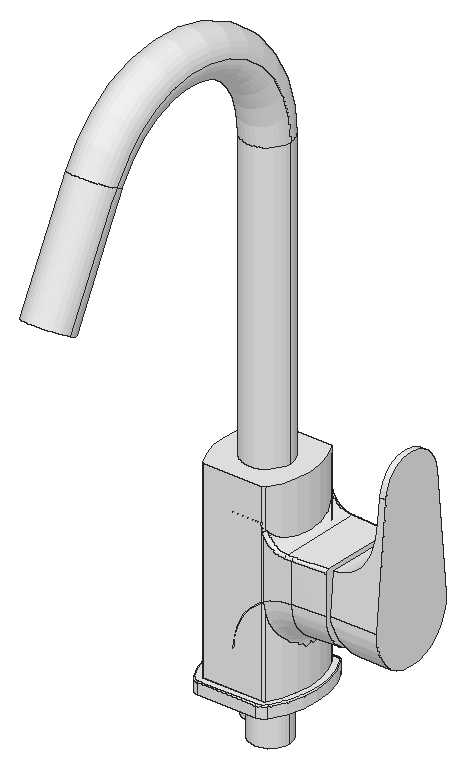
Revit family "Mixer-Sink-Dorf Viridian1", category Plumbing Fixtures, host Face, Revit 2013
Parameters (values of type "Standard")
  Waste Connection = no
  Vent Connection = no
  URL = "http://www.dorf.com.au/"
  Type Comments = "Dorf Viridian Sink Mixer"  # constant formula
  ModifiedIssue_ANZRS = 1  # constant formula
  Model = "811011C4A"  # constant formula
  Material_ANZRS = Metal-Chrome-Caroma
  Manufacturer = "GWA Bathrooms & Kitchens"  # constant formula
  HWFU = 1  # constant formula
  HW Connection = yes
  Description = "WELS 4 Star rated, 7.5L/min"  # constant formula
  Default Elevation = 0 mm
  CreatedBy_ANZRS = "Design Content"  # constant formula
  CreatedByURL_ANZRS = "www.designcontent.com.au"
  Cost = 0
  Connector Radius = 10 mm
  CWFU = 1  # constant formula
  CW Connection = yes
  Assembly Code = "C1030210"
Reference planes
  plane 1 "Center (Front/Back)": y = 0
  plane 2: z = 0
  plane 3 "Center (Left/Right)": x = 0
  plane 4: y = 22.373
  plane 5: y = -22.373
Forms (mm)
  Extrusion 1, solid, material "Metal-Chrome-Caroma" <- "Material_ANZRS"
    sketch origin (14.2, 0, 0) x (1, 0, 0) y (0, 1, 0)
      loop
        circle (-7.071, -7.071) r 10
    from -20 to 0
  Extrusion 2, solid, material "Metal-Chrome-Caroma" <- "Material_ANZRS"
    sketch origin (-14.2, 0, 0) x (-1, 0, 0) y (0, -1, 0)
      loop
        circle (-7.071, -7.071) r 10
    from -20 to 0
  Sweep 3, solid, material "Metal-Chrome-Caroma" <- "Material_ANZRS"
    path origin (0, 0, 0) x (1, 0, 0) y (0, 1, 0)
      loop
        arc (-15.139, 26.25) -> (-17.559, 25.625) -> (-19.375, 23.906) r 5
        arc (-19.375, 23.906) -> (-26.25, 0) -> (-19.375, -23.906) r 45
        arc (-19.375, -23.906) -> (-17.559, -25.625) -> (-15.139, -26.25) r 5
        line (-15.139, -26.25) -> (15.139, -26.25)
        arc (15.139, -26.25) -> (17.559, -25.625) -> (19.375, -23.906) r 5
        arc (19.375, -23.906) -> (26.25, 0) -> (19.375, 23.906) r 45
        arc (19.375, 23.906) -> (17.559, 25.625) -> (15.139, 26.25) r 5
        line (15.139, 26.25) -> (-15.139, 26.25)
    profile origin (0, 26.25, 0) x (0, 1, 0) y (0, 0, 1)
      loop
        line (0, 0) -> (0, 5.5)
        arc (0, 5.5) -> (-0.146, 5.854) -> (-0.5, 6) r 0.5
        line (-0.5, 6) -> (-4, 6) -> (-4, 0) -> (0, 0)
  Extrusion 4, solid, material "Metal-Chrome-Caroma" <- "Material_ANZRS"
    sketch origin (0, 0, 0) x (1, 0, 0) y (0, 1, 0)
      loop
        arc (-15.986, -21.781) -> (-15.623, -22.125) -> (-15.139, -22.25) r 1
        line (-15.139, -22.25) -> (15.139, -22.25)
        arc (15.139, -22.25) -> (15.623, -22.125) -> (15.986, -21.781) r 1
        arc (15.986, -21.781) -> (22.25, 0) -> (15.986, 21.781) r 41
        arc (15.986, 21.781) -> (15.623, 22.125) -> (15.139, 22.25) r 1
        line (15.139, 22.25) -> (-15.139, 22.25)
        arc (-15.139, 22.25) -> (-15.623, 22.125) -> (-15.986, 21.781) r 1
        arc (-15.986, 21.781) -> (-22.25, 0) -> (-15.986, -21.781) r 41
    from 0 to 6
  Extrusion 5, solid, material "Metal-Chrome-Caroma" <- "Material_ANZRS"
    sketch origin (0, 0, 0) x (1, 0, 0) y (0, 1, 0)
      loop
        arc (-15.126, 22.373) -> (-15.859, 22.181) -> (-16.406, 21.655) r 1.5
        arc (-16.406, 21.655) -> (-22.5, 0) -> (-16.406, -21.655) r 41.521
        arc (-16.406, -21.655) -> (-15.859, -22.181) -> (-15.126, -22.373) r 1.5
        line (-15.126, -22.373) -> (15.126, -22.373)
        arc (15.126, -22.373) -> (15.859, -22.181) -> (16.406, -21.655) r 1.5
        arc (16.406, -21.655) -> (22.5, 0) -> (16.406, 21.655) r 41.521
        arc (16.406, 21.655) -> (15.859, 22.181) -> (15.126, 22.373) r 1.5
        line (15.126, 22.373) -> (-15.126, 22.373)
    from 6 to 106
  Sweep 6, solid, material "Metal-Chrome-Caroma" <- "Material_ANZRS"
    path origin (0, 0, 0) x (1, 0, 0) y (0, 0, 1)
      loop
        line (30.9, 78) -> (27.213, 78)
        arc (27.213, 78) -> (19.299, 81.278) -> (16.022, 89.191) r 11.191
    profile origin (29.056, 0, 78) x (0, 0, -1) y (0, -1, 0)
      loop
        line (2.5, -22.373) -> (2.5, 22.373) -> (1.5, 22.373)
        arc (1.5, 22.373) -> (0.439, 21.933) -> (0, 20.873) r 1.5
        line (0, 20.873) -> (0, -20.873)
        arc (0, -20.873) -> (0.439, -21.933) -> (1.5, -22.373) r 1.5
        line (1.5, -22.373) -> (2.5, -22.373)
  Sweep 7, solid, material "Metal-Chrome-Caroma" <- "Material_ANZRS"
    path origin (0, 0, 0) x (1, 0, 0) y (0, 0, 1)
      loop
        arc (30.9, 56.375) -> (9.121, 47.354) -> (0.1, 25.575) r 30.8
    profile origin (9.121, 0, 47.354) x (0.707107, 0, -0.707107) y (0, -1, 0)
      loop
        arc (0, -22.373) -> (22.373, 0) -> (0, 22.373) r 22.373
        line (0, 22.373) -> (0, -22.373)
  Extrusion 8, solid, material "Metal-Chrome-Caroma" <- "Material_ANZRS"
    sketch origin (0, 0, 0) x (1, 0, 0) y (0, 0, 1)
      loop
        line (30.9, 75.5) -> (27.213, 75.5)
        arc (27.213, 75.5) -> (17.532, 79.51) -> (13.522, 89.191) r 13.691
        line (13.522, 89.191) -> (0.1, 89.191) -> (0.1, 25.575)
        arc (0.1, 25.575) -> (9.121, 47.354) -> (30.9, 56.375) r 30.8
        line (30.9, 56.375) -> (30.9, 75.5)
    from -22.373 to 22.373
  Extrusion 9, solid, material "Metal-Chrome-Caroma" <- "Material_ANZRS"
    sketch origin (0, 0, 0) x (0, 1, 0) y (0, 0, 1)
      loop
        arc (16.674, 118.32) -> (0, 133.486) -> (-16.674, 118.32) r 16.749
        line (-16.674, 118.32) -> (-22.392, 58.078)
        arc (-22.392, 58.078) -> (0, 33.46) -> (22.392, 58.078) r 22.493
        line (22.392, 58.078) -> (16.674, 118.32)
    from 50.965 to 75
  Extrusion 10, void
    sketch origin (0, 0, 0) x (1, 0, 0) y (0, 0, 1)
      loop
        line (72, 137.302) -> (48.643, 137.302) -> (48.643, 25.681) -> (63.559, 25.681) -> (50.406, 57.434) -> (50.406, 78.478)
        arc (50.406, 78.478) -> (61.809, 82.047) -> (69.142, 91.48) r 20
        arc (69.142, 91.48) -> (71.28, 99.263) -> (72, 107.302) r 45.223
        line (72, 107.302) -> (72, 137.302)
    from -100 to 100
  Blend 11, solid, material "Metal-Chrome-Caroma" <- "Material_ANZRS"
    base sketch origin (0, 0, 0) x (0, 1, 0) y (0, 0, 1)
      loop
        line (20.873, 78) -> (-20.873, 78)
        arc (-20.873, 78) -> (-21.933, 77.561) -> (-22.373, 76.5) r 1.5
        line (-22.373, 76.5) -> (-22.373, 56.375)
        arc (-22.373, 56.375) -> (0, 34.002) -> (22.373, 56.375) r 22.373
        line (22.373, 56.375) -> (22.373, 76.5)
        arc (22.373, 76.5) -> (21.933, 77.561) -> (20.873, 78) r 1.5
    top sketch origin (0, 0, 0) x (0, 1, 0) y (0, 0, 1)
      loop
        line (19.642, 78) -> (-19.642, 78)
        arc (-19.642, 78) -> (-20.693, 77.57) -> (-21.142, 76.526) r 1.5
        line (-21.142, 76.526) -> (-21.494, 56.358)
        arc (-21.494, 56.358) -> (0, 34.486) -> (21.494, 56.358) r 21.497
        line (21.494, 56.358) -> (21.142, 76.526)
        arc (21.142, 76.526) -> (20.693, 77.57) -> (19.642, 78) r 1.5
    from 30.9 to 48
  Revolve 12, solid, material "Metal-Chrome-Caroma" <- "Material_ANZRS"
    sketch origin (0, 0, 0) x (1, 0, 0) y (0, 0, 1)
      loop
        line (48, 56.243) -> (57.837, 56.243) -> (57.837, 70.862)
        arc (57.837, 70.862) -> (53.206, 73.58) -> (48, 74.894) r 19
        line (48, 74.894) -> (48, 56.243)
      axis (48, 56.243) -> (57.837, 56.243)
    angle from 0 to 360
  Sweep 13, solid, material "Metal-Chrome-Caroma" <- "Material_ANZRS"
    path origin (0, 0, 0) x (0, 1, 0) y (0, 0, 1)
      loop
        line (0, 106) -> (0, 256)
        arc (0, 256) -> (-45.485, 314.218) -> (-112.977, 284.168) r 60
        line (-112.977, 284.168) -> (-142.788, 228.101)
    profile origin (0, 0, 181) x (0, -1, 0) y (1, 0, 0)
      loop
        circle (0, 0) r 12
Cuts and joins
  joined: Sweep 6, Sweep 7, Extrusion 8, Blend 11
  Extrusion 10 cuts Extrusion 9
  joined: Extrusion 9, Revolve 12
Lines and regions (mm)
  Masking region 1
    outline origin (0, 0, 0) x (1, 0, 0) y (0, 0, 1)
      loop
        line (26.207, 0) -> (26.207, 6) -> (22.473, 6) -> (22.473, 25.575)
        arc (22.473, 25.575) -> (23.326, 29.274) -> (25.567, 32.337) r 9.436
        arc (25.567, 32.337) -> (28.151, 33.93) -> (31.136, 34.486) r 8.289
        line (31.136, 34.486) -> (48, 34.486) -> (48, 37.106)
        arc (48, 37.106) -> (52.895, 38.318) -> (57.306, 40.761) r 19.234
        line (57.306, 40.761) -> (60.32, 33.486) -> (63.64, 33.486)
        arc (63.64, 33.486) -> (67.976, 32.217) -> (72.312, 33.486) r 8.04
        line (72.312, 33.486) -> (75, 33.486) -> (75, 133.486) -> (72, 133.486) -> (72, 107.302)
        arc (72, 107.302) -> (71.28, 99.263) -> (69.142, 91.48) r 45.223
        arc (69.142, 91.48) -> (62.037, 82.208) -> (50.965, 78.485) r 20
        line (50.965, 78.485) -> (50.965, 74.34) -> (48, 74.894) -> (48, 78) -> (30.5, 78)
        arc (30.5, 78) -> (28.46, 78.297) -> (26.657, 79.297) r 5.725
        arc (26.657, 79.297) -> (25.177, 80.827) -> (24.081, 82.653) r 9.337
        arc (24.081, 82.653) -> (22.901, 86.218) -> (22.502, 89.952) r 17.657
        line (22.502, 89.952) -> (22.502, 106.007) -> (12, 106.007) -> (12, 316.007)
        arc (12, 316.007) -> (0, 328.007) -> (-12, 316.007) r 12
        line (-12, 316.007) -> (-12, 106.007) -> (-22.463, 106.007) -> (-22.463, 6.007) -> (-26.208, 6.007) -> (-26.208, 0) -> (26.207, 0)
  Masking region 2
    outline origin (0, 0, 0) x (0, 1, 0) y (0, 0, 1)
      loop
        line (0, 0) -> (26.25, 0) -> (26.25, 6) -> (22.373, 6) -> (21.61, 49.712)
        arc (21.61, 49.712) -> (22.395, 53.858) -> (22.392, 58.078) r 22.493
        line (22.392, 58.078) -> (21.219, 70.434) -> (20.599, 106) -> (17.844, 106) -> (16.674, 118.32)
        arc (16.674, 118.32) -> (15.201, 123.77) -> (12, 128.422) r 16.749
        line (12, 128.422) -> (12, 256)
        arc (12, 256) -> (-42.582, 325.861) -> (-123.572, 289.802) r 72
        line (-123.572, 289.802) -> (-153.384, 233.735) -> (-132.193, 222.468) -> (-102.381, 278.535)
        arc (-102.381, 278.535) -> (-48.388, 302.574) -> (-12, 256) r 48
        line (-12, 256) -> (-12, 128.422)
        arc (-12, 128.422) -> (-15.201, 123.77) -> (-16.674, 118.32) r 16.749
        line (-16.674, 118.32) -> (-17.844, 106) -> (-20.599, 106) -> (-21.219, 70.434) -> (-22.392, 58.078)
        arc (-22.392, 58.078) -> (-22.395, 53.858) -> (-21.61, 49.712) r 22.493
        line (-21.61, 49.712) -> (-22.373, 6) -> (-26.25, 6) -> (-26.25, 0) -> (0, 0)
  Masking region 3
    outline origin (0, 0, 0) x (1, 0, 0) y (0, 1, 0)
      loop
        arc (-19.375, 23.906) -> (-26.25, 0) -> (-19.375, -23.906) r 45
        arc (-19.375, -23.906) -> (-17.559, -25.625) -> (-15.139, -26.25) r 5
        line (-15.139, -26.25) -> (-12, -26.25) -> (-12, -142.788)
        spline (-12, -142.788) -> (-11.591, -145.531) -> (-10.392, -148.086) -> (-8.485, -150.28) -> (-6, -151.964) -> (-3.106, -153.023) -> (0, -153.384) -> (3.106, -153.023) -> (6, -151.964) -> (8.485, -150.28) -> (10.392, -148.086) -> (11.591, -145.531) -> (12, -142.788)
        line (12, -142.788) -> (12, -26.25) -> (15.139, -26.25)
        arc (15.139, -26.25) -> (17.559, -25.625) -> (19.375, -23.906) r 5
        arc (19.375, -23.906) -> (19.842, -23.144) -> (20.294, -22.373) r 45
        line (20.294, -22.373) -> (48, -21.494) -> (48, -18.652) -> (50.965, -18.097) -> (50.965, -22.493) -> (75, -22.493) -> (75, 22.493) -> (50.965, 22.493) -> (50.965, 18.097) -> (48, 18.652) -> (48, 21.494) -> (20.294, 22.373)
        arc (20.294, 22.373) -> (19.842, 23.144) -> (19.375, 23.906) r 45
        arc (19.375, 23.906) -> (17.559, 25.625) -> (15.139, 26.25) r 5
        line (15.139, 26.25) -> (-15.139, 26.25)
        arc (-15.139, 26.25) -> (-17.559, 25.625) -> (-19.375, 23.906) r 5
  symbolic lines
    curve 1: line (48, 0, 74.894) -> (48, 0, 37.106)
    curve 2: line (50.965, 0, 78.485) -> (50.965, 0, 56.085)
    curve 3: line (60.268, 0, 33.625) -> (50.965, 0, 56.085)
    curve 4: line (-12, 0, 106.007) -> (12, 0, 106.007)
    curve 5: line (-22.5, 0, 6) -> (22.473, 0, 6)
    curve 6: spline (-12, 0, 228.101) -> (-11.591, 0, 226.643) -> (-10.392, 0, 225.284) -> (-8.485, 0, 224.118) -> (-6, 0, 223.222) -> (-3.106, 0, 222.659) -> (0, 0, 222.468) -> (3.106, 0, 222.659) -> (6, 0, 223.222) -> (8.485, 0, 224.118) -> (10.392, 0, 225.284) -> (11.591, 0, 226.643) -> (12, 0, 228.101)
    curve 7: spline (12, 0, 228.101) -> (11.591, 0, 229.559) -> (10.392, 0, 230.918) -> (8.485, 0, 232.085) -> (6, 0, 232.98) -> (3.106, 0, 233.543) -> (0, 0, 233.735) -> (-3.106, 0, 233.543) -> (-6, 0, 232.98) -> (-8.485, 0, 232.085) -> (-10.392, 0, 230.918) -> (-11.591, 0, 229.559) -> (-12, 0, 228.101)
    curve 8: line (63.64, 0, 33.486) -> (72.312, 0, 33.486)
    curve 9: line (0, 22.373, 6) -> (0, -22.25, 6)
    curve 10: arc (0, 16.674, 118.32) -> (0, 0, 133.486) -> (0, -16.674, 118.32) r 16.749
    curve 11: line (0, 22.392, 58.078) -> (0, 16.674, 118.32)
    curve 12: line (0, -16.674, 118.32) -> (0, -22.392, 58.078)
    curve 13: arc (0, -22.392, 58.078) -> (0, 0, 33.46) -> (0, 22.392, 58.078) r 22.493
    curve 14: line (-12, -142.788, 0) -> (-12, 0, 0)
    curve 15: line (12, -142.788, 0) -> (12, 0, 0)
    curve 16: spline (12, -142.788, 0) -> (11.591, -145.531, 0) -> (10.392, -148.086, 0) -> (8.485, -150.28, 0) -> (6, -151.964, 0) -> (3.106, -153.023, 0) -> (0, -153.384, 0) -> (-3.106, -153.023, 0) -> (-6, -151.964, 0) -> (-8.485, -150.28, 0) -> (-10.392, -148.086, 0) -> (-11.591, -145.531, 0) -> (-12, -142.788, 0)
    curve 17: spline (69.121, -19.227, 0) -> (68.34, -19.398, 0) -> (67.385, -19.561, 0) -> (66.264, -19.715, 0) -> (64.989, -19.857, 0) -> (63.571, -19.987, 0) -> (62.026, -20.103, 0) -> (60.366, -20.204, 0) -> (58.61, -20.289, 0) -> (56.773, -20.357, 0) -> (54.875, -20.408, 0) -> (52.932, -20.441, 0) -> (50.965, -20.455, 0)
    curve 18: spline (72, -17.72, 0) -> (71.98, -17.849, 0) -> (71.919, -17.977, 0) -> (71.818, -18.105, 0) -> (71.677, -18.232, 0) -> (71.496, -18.359, 0) -> (71.274, -18.486, 0) -> (71.013, -18.612, 0) -> (70.713, -18.737, 0) -> (70.373, -18.861, 0) -> (69.994, -18.984, 0) -> (69.576, -19.106, 0) -> (69.121, -19.227, 0)
    curve 19: line (72, -17.72, 0) -> (72, 17.72, 0)
    curve 20: spline (69.121, 19.227, 0) -> (69.576, 19.106, 0) -> (69.994, 18.984, 0) -> (70.373, 18.861, 0) -> (70.713, 18.737, 0) -> (71.013, 18.612, 0) -> (71.274, 18.486, 0) -> (71.496, 18.359, 0) -> (71.677, 18.232, 0) -> (71.818, 18.105, 0) -> (71.919, 17.977, 0) -> (71.98, 17.849, 0) -> (72, 17.72, 0)
    curve 21: spline (50.965, 20.455, 0) -> (52.932, 20.441, 0) -> (54.875, 20.408, 0) -> (56.773, 20.357, 0) -> (58.61, 20.289, 0) -> (60.366, 20.204, 0) -> (62.026, 20.103, 0) -> (63.571, 19.987, 0) -> (64.989, 19.857, 0) -> (66.264, 19.715, 0) -> (67.385, 19.561, 0) -> (68.34, 19.398, 0) -> (69.121, 19.227, 0)
    curve 22: line (48, -21.497, 0) -> (48, 21.497, 0)
    curve 23: line (50.965, 22.493, 0) -> (50.965, -22.493, 0)
    curve 24: arc (16.406, -21.655, 0) -> (22.5, 0, 0) -> (16.406, 21.655, 0) r 41.521
    curve 25: arc (-16.406, 21.655, 0) -> (-22.5, 0, 0) -> (-16.406, -21.655, 0) r 41.521
    curve 26: line (15.126, 22.373, 0) -> (-15.126, 22.373, 0)
    curve 27: arc (-15.126, 22.373, 0) -> (-15.859, 22.181, 0) -> (-16.406, 21.655, 0) r 1.5
    curve 28: arc (16.406, 21.655, 0) -> (15.859, 22.181, 0) -> (15.126, 22.373, 0) r 1.5
    curve 29: arc (15.126, -22.373, 0) -> (15.859, -22.181, 0) -> (16.406, -21.655, 0) r 1.5
    curve 30: line (-15.126, -22.373, 0) -> (-12, -22.373, 0)
    curve 31: arc (-16.406, -21.655, 0) -> (-15.859, -22.181, 0) -> (-15.126, -22.373, 0) r 1.5
    curve 32: line (12, -22.373, 0) -> (15.126, -22.373, 0)
    curve 33: arc (-12, 0, 0) -> (0, 12, 0) -> (12, 0, 0) r 12
Dimensions and locks
  aligned and locked: plane 2 to host face
  aligned and locked: level to host face
Connectors
  piping at (7.129, -7.071, -20), driven by "Connector Radius", driven by "CWFU"
    settings: on Extrusion 1, index 3, connector radius 0.3937", flow factor 0, pipe flow 0 GPM, pressure drop 0.00 psi, fitting loss kfactor 0, connector angle 0.00°, fixture units 1, engagement length 0 mm, flow configuration 3, flow direction 1, fitting loss method 1, system type 20, joint type 0, gender type 0, connector reference index -1, connector utility 0, adjustable connector no, is connector primary yes, fitting loss table "Inward Projecting Pipe", connector description "Cold Inlet"
  piping at (-7.129, 7.071, -20), driven by "Connector Radius", driven by "HWFU"
    settings: on Extrusion 2, index 4, connector radius 0.3937", flow factor 0, pipe flow 0 GPM, pressure drop 0.00 psi, fitting loss kfactor 0, connector angle 0.00°, fixture units 1, engagement length 0 mm, flow configuration 3, flow direction 1, fitting loss method 1, system type 19, joint type 0, gender type 0, connector reference index -1, connector utility 0, adjustable connector no, is connector primary no, fitting loss table "Inward Projecting Pipe", connector description "Hot Inlet"
